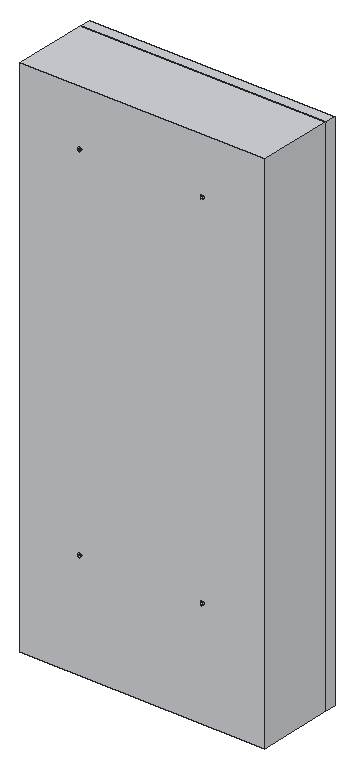
Revit family "AX8943-OPEN_0002", category Appareils sanitaires, Revit 2016
Family settings
  Hôte = Mur
  Type d'élément = Normal
  Cote de connecteur circulaire = Utiliser le diamètre
  Numéro OmniClass = 23.75.00.00
  Titre OmniClass = Climate Control (HVAC)
  Toujours verticalement = Oui
  Couper avec des vides une fois chargée = Non
  Partagée = Non
  Point de calcul de pièce = Non
Parameters (values of type "Type 1")
  URL = "https://www.axeuro.com/fr/poubelles/25520-poubelle-murale-ax8943-open.html?search_query=ax8943-open&results=9"
  Modèle = "AX8943-OPEN"  # constant formula
  Matériaux = "En inox 304 (18/10) Bactériostatique"  # constant formula
  Finition = "Brossé Poli Satiné HyperPolish"  # constant formula
  Fabricant = "Axeuro"  # constant formula
  Description = "Poubelle murale"  # constant formula
Reference planes
  plane 1 "Mur": y = 0
  plane 2 "Centre (gauche/droite)": x = 0
  plane 3 "Arrière": y = 75
Forms (mm)
  Extrusion 1, solid
    sketch origin (-85, 2.969, 0) x (0, 1, 0) y (0, 0, 1)
      loop
        line (174.031, 1739.299) -> (174.031, 1028.291) -> (189.031, 1028.291) -> (189.031, 1739.299) -> (174.031, 1739.299)
    from -80 to 250
  Extrusion 2, void
    sketch origin (552.568, 77.969, 153.664) x (1, 0, 0) y (0, 0, 1)
      loop
        line (-434.68, 1545.635) -> (-670.457, 1545.635)
        arc (-670.457, 1545.635) -> (-675.486, 1543.552) -> (-677.568, 1538.524) r 7.111
        line (-677.568, 1538.524) -> (-677.568, 1432.747)
        arc (-677.568, 1432.747) -> (-675.486, 1427.718) -> (-670.457, 1425.635) r 7.111
        line (-670.457, 1425.635) -> (-434.68, 1425.635)
        arc (-434.68, 1425.635) -> (-429.651, 1427.718) -> (-427.568, 1432.747) r 7.111
        line (-427.568, 1432.747) -> (-427.568, 1538.524)
        arc (-427.568, 1538.524) -> (-429.651, 1543.552) -> (-434.68, 1545.635) r 7.111
    from -114.031 to -112.031
  Sweep 3, solid
    path origin (125.534, 81.92, 1091.574) x (1, 0, 0) y (0, 0, 1)
      loop
        circle (0, 292.183) r 7.9
    profile origin (125.534, 81.92, 1375.857) x (0, 0, 1) y (0, -1, 0)
      loop
        line (0.02, -110.08) -> (-3.566, -110.08)
        arc (-3.566, -110.08) -> (-2.623, -113.276) -> (0.02, -115.306) r 5.389
        line (0.02, -115.306) -> (0.02, -110.08)
  Extrusion 4, solid
    sketch origin (133.414, 82, 1103.06) x (1, 0, 0) y (0, 0, 1)
      loop
        circle (-7.88, 280.697) r 7.9
    from -115.226 to -110
  Extrusion 5, void
    sketch origin (406.218, 82, 1383.768) x (0, 0, 1) y (-1, 0, 0)
      loop
        line (1.292, 286.514) -> (-1.316, 286.514) -> (-1.316, 274.878) -> (1.292, 274.878) -> (1.292, 286.514)
    from -115.226 to -113.463
  Extrusion 6, solid
    sketch origin (0, -103, 0) x (1, 0, 0) y (0, 1, 0)
      loop
        line (-165, 280) -> (-165, 178) -> (165, 178) -> (165, 280) -> (-165, 280)
    from 1028.291 to 1739.299
  Extrusion 7, void
    sketch origin (0, -103, 16) x (1, 0, 0) y (0, 0, 1)
      loop
        circle (-83.996, 1647.698) r 3
    from -180 to -178
  Extrusion 8, void
    sketch origin (165, -103, 16) x (1, 0, 0) y (0, 0, 1)
      loop
        circle (-83.996, 1647.698) r 3
    from -180 to -178
  Extrusion 9, void
    sketch origin (0, -103, -474) x (1, 0, 0) y (0, 0, 1)
      loop
        circle (-83.996, 1647.698) r 3
    from -180 to -178
  Extrusion 10, void
    sketch origin (165, -103, -474) x (1, 0, 0) y (0, 0, 1)
      loop
        circle (-83.996, 1647.698) r 3
    from -180 to -178
Cuts and joins
  Extrusion 2 cuts Extrusion 1
  Extrusion 5 cuts Extrusion 4
  Extrusion 7, Extrusion 8, Extrusion 9, Extrusion 10 cuts Extrusion 6
Text (mm)
  text "Côté de la mise en place" at (-1820.995, 1116.779, 0), in view "Niveau de réf."
  text "Côté de la mise en place" at (0, 1334.055, 2976.191), in view "Gauche"
  text "Côté de la mise en place" at (0, 439.194, 2944.362), in view "Droite"
Dimensions and locks
  locked: plane 3 "Arrière" to host wall
  aligned and locked: plane 1 "Mur" to host wall
